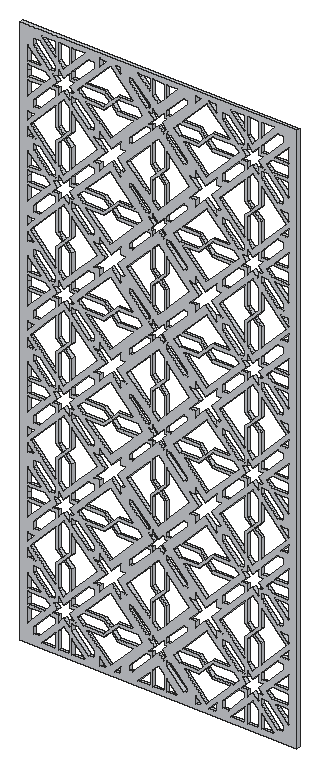
Revit family "Jumeirah", category Generic Models, Revit 2016 (continued)
Forms (in)
  Extrusion 1, solid
    sketch origin (392, 0, 0) x (1, 0, 0) y (0, 0, 1)
      loop
        line (-355.38151, 41.22773) -> (-359.62836, 45.48044) -> (-363.87522, 41.22773) -> (-360.93095, 41.22773) -> (-359.8042, 40.10098) -> (-358.67746, 41.22772) -> (-355.38151, 41.22773)
      loop
        line (-345.35806, 43.70588) -> (-347.83621, 41.22773) -> (-345.35805, 41.22774) -> (-345.35806, 43.70588)
      loop
        line (-346.75634, 13.3091) -> (-345.35806, 13.3091) -> (-345.35802, 14.70481) -> (-346.75634, 13.3091)
      loop
        line (-345.35801, 15.79237) -> (-345.35806, 17.18546) -> (-346.75298, 17.18546) -> (-345.35801, 15.79237)
      loop
        line (-350.1922, 19.66365) -> (-350.1922, 16.36607) -> (-351.31099, 15.24729) -> (-350.19218, 14.12848) -> (-350.19218, 10.83091) -> (-345.77582, 15.2509) -> (-350.1922, 19.66365)
      loop
        line (-350.62337, 20.09481) -> (-351.60809, 21.07953) -> (-352.59284, 20.09473) -> (-352.59284, 16.51534) -> (-351.60808, 15.54438) -> (-350.62337, 16.52983) -> (-350.62337, 20.09481)
      loop
        line (-353.02553, 19.66365) -> (-357.44191, 15.2509) -> (-353.02555, 10.83091) -> (-353.02555, 14.12848) -> (-351.90675, 15.24729) -> (-353.02553, 16.36607) -> (-353.02553, 19.66365)
      loop
        line (-352.59281, 10.40138) -> (-351.60887, 9.41744) -> (-350.62334, 10.39975) -> (-350.62334, 13.96137) -> (-351.60976, 14.94778) -> (-352.59281, 13.96471) -> (-352.59281, 10.40138)
      loop
        line (-358.76257, 15.24572) -> (-356.82022, 17.18546) -> (-357.85806, 17.18546) -> (-357.85806, 18.22196) -> (-359.79404, 16.28058) -> (-361.50031, 17.99245) -> (-361.50031, 16.93546) -> (-362.53781, 16.93546) -> (-360.83829, 15.23823) -> (-362.52056, 13.5591) -> (-361.50031, 13.5591) -> (-361.50031, 12.49899) -> (-359.79169, 14.21323) -> (-357.8592, 12.27534) -> (-357.8592, 13.31023) -> (-356.82346, 13.31023) -> (-358.76257, 15.24572)
      loop
        line (-362.52162, 15.25043) -> (-366.58442, 19.30989) -> (-366.58442, 16.36607) -> (-367.70322, 15.24728) -> (-366.58442, 14.12848) -> (-366.58442, 11.18447) -> (-362.52162, 15.25043)
      loop
        line (-346.75634, 29.68546) -> (-345.35806, 29.68546) -> (-345.35802, 31.08117) -> (-346.75634, 29.68546)
      loop
        line (-345.35801, 32.16874) -> (-345.35806, 33.56182) -> (-346.75298, 33.56182) -> (-345.35801, 32.16874)
      loop
        line (-350.1922, 36.04001) -> (-350.1922, 32.74243) -> (-351.31099, 31.62365) -> (-350.19218, 30.50484) -> (-350.19218, 27.20728) -> (-345.77582, 31.62726) -> (-350.1922, 36.04001)
      loop
        line (-350.62337, 36.47117) -> (-351.60809, 37.45589) -> (-352.59284, 36.47109) -> (-352.59284, 32.8917) -> (-351.60808, 31.92074) -> (-350.62337, 32.90619) -> (-350.62337, 36.47117)
      loop
        line (-353.02553, 36.04001) -> (-357.44191, 31.62726) -> (-353.02555, 27.20728) -> (-353.02555, 30.50484) -> (-351.90675, 31.62365) -> (-353.02553, 32.74243) -> (-353.02553, 36.04001)
      loop
        line (-352.59281, 26.77775) -> (-351.60887, 25.7938) -> (-350.62334, 26.77611) -> (-350.62334, 30.33773) -> (-351.60976, 31.32414) -> (-352.59281, 30.34107) -> (-352.59281, 26.77775)
      loop
        line (-358.76257, 31.62208) -> (-356.82022, 33.56182) -> (-357.85806, 33.56182) -> (-357.85806, 34.59832) -> (-359.79404, 32.65694) -> (-361.50031, 34.36882) -> (-361.50031, 33.31182) -> (-362.53781, 33.31182) -> (-360.83829, 31.61459) -> (-362.52056, 29.93546) -> (-361.50031, 29.93546) -> (-361.50031, 28.87535) -> (-359.79169, 30.58959) -> (-357.8592, 28.6517) -> (-357.8592, 29.68659) -> (-356.82346, 29.68659) -> (-358.76257, 31.62208)
      loop
        line (-362.52162, 31.62679) -> (-366.58442, 35.68626) -> (-366.58442, 32.74243) -> (-367.70322, 31.62364) -> (-366.58442, 30.50484) -> (-366.58442, 27.56083) -> (-362.52162, 31.62679)
      loop
        line (-346.75634, 46.05551) -> (-345.35806, 46.05551) -> (-345.35802, 47.45123) -> (-346.75634, 46.05551)
      loop
        line (-352.59281, 43.1478) -> (-351.60887, 42.16386) -> (-350.62334, 43.14617) -> (-350.62334, 46.70778) -> (-351.60976, 47.6942) -> (-352.59281, 46.71113) -> (-352.59281, 43.1478)
    from 0 to 0.5
Dimensions and locks (in)
  aligned and locked: plane 2 to level
